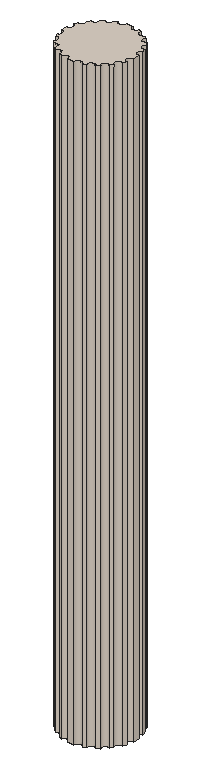
Revit family "STC_A3-Corinthium-Column-Body", category Columns, Revit 2016
Family settings
  Cut with Voids When Loaded = No
  Automatically joins geometry to walls = Yes
  Shared = No
  Show family pre-cut in plan views = Yes
Parameters (values of type "600mmDiameter Corinthium Column")
  Manufacturer = "Revit"
  Material = Masonry - Stone
  Base Offset = 0.00 mm
  Top Offset = 0.00 mm
Reference planes
  plane 1: y = -73.685
  plane 2: z = 0
  plane 3: x = 5.235
  plane 4: z = 2508.175
  plane 5: z = 0
  plane 6: z = 3000
  plane 7: x = -144.765
  plane 8: x = 155.235
Forms (mm)
  Extrusion 1, solid, material "Masonry - Stone" <- "Material"
    sketch origin (0, 0, 0) x (1, 0, 0) y (0, 1, 0)
      loop
        arc (-35.766, 69.097) -> (-42.479, 66.996) -> (-49.086, 64.579) r 148.552
        arc (-49.086, 64.579) -> (-56.435, 46.406) -> (-75.487, 51.021) r 15
        arc (-75.487, 51.021) -> (-81.975, 46.573) -> (-88.219, 41.788) r 148.552
        arc (-88.219, 41.788) -> (-89.751, 22.245) -> (-109.308, 20.906) r 15
        arc (-109.308, 20.906) -> (-113.658, 15.377) -> (-117.741, 9.648) r 148.552
        arc (-117.741, 9.648) -> (-113.528, -9.496) -> (-131.853, -16.46) r 15
        arc (-131.853, -16.46) -> (-134.408, -23.015) -> (-136.65, -29.683) r 148.552
        arc (-136.65, -29.683) -> (-127.056, -46.777) -> (-142.566, -58.765) r 15
        arc (-142.566, -58.765) -> (-143.309, -72.119) -> (-142.847, -85.485) r 148.552
        arc (-142.847, -85.485) -> (-127.594, -97.798) -> (-137.547, -114.686) r 15
        arc (-137.547, -114.686) -> (-135.445, -121.4) -> (-133.029, -128.006) r 148.552
        arc (-133.029, -128.006) -> (-114.855, -135.355) -> (-119.471, -154.407) r 15
        arc (-119.471, -154.407) -> (-115.023, -160.896) -> (-110.238, -167.14) r 148.552
        arc (-110.238, -167.14) -> (-90.695, -168.672) -> (-89.356, -188.229) r 15
        arc (-89.356, -188.229) -> (-83.827, -192.579) -> (-78.098, -196.662) r 148.552
        arc (-78.098, -196.662) -> (-58.953, -192.449) -> (-51.989, -210.773) r 15
        arc (-51.989, -210.773) -> (-45.435, -213.328) -> (-38.767, -215.571) r 148.552
        arc (-38.767, -215.571) -> (-21.673, -205.976) -> (-9.684, -221.486) r 15
        arc (-9.684, -221.486) -> (3.669, -222.229) -> (17.035, -221.768) r 148.552
        arc (17.035, -221.768) -> (29.348, -206.514) -> (46.236, -216.467) r 15
        arc (46.236, -216.467) -> (52.95, -214.366) -> (59.557, -211.949) r 148.552
        arc (59.557, -211.949) -> (66.906, -193.776) -> (85.957, -198.391) r 15
        arc (85.957, -198.391) -> (92.446, -193.943) -> (98.69, -189.158) r 148.552
        arc (98.69, -189.158) -> (100.222, -169.615) -> (119.779, -168.276) r 15
        arc (119.779, -168.276) -> (124.129, -162.747) -> (128.212, -157.019) r 148.552
        arc (128.212, -157.019) -> (123.999, -137.874) -> (142.323, -130.91) r 15
        arc (142.323, -130.91) -> (144.878, -124.355) -> (147.121, -117.688) r 148.552
        arc (147.121, -117.688) -> (137.526, -100.593) -> (153.036, -88.605) r 15
        arc (153.036, -88.605) -> (153.779, -75.251) -> (153.318, -61.885) r 148.552
        arc (153.318, -61.885) -> (138.064, -49.572) -> (148.017, -32.684) r 15
        arc (148.017, -32.684) -> (145.916, -25.97) -> (143.499, -19.364) r 148.552
        arc (143.499, -19.364) -> (125.326, -12.015) -> (129.942, 7.037) r 15
        arc (129.942, 7.037) -> (125.493, 13.526) -> (120.708, 19.77) r 148.552
        arc (120.708, 19.77) -> (101.165, 21.302) -> (99.826, 40.859) r 15
        arc (99.826, 40.859) -> (94.297, 45.208) -> (88.569, 49.292) r 148.552
        arc (88.569, 49.292) -> (69.424, 45.079) -> (62.46, 63.403) r 15
        arc (62.46, 63.403) -> (55.906, 65.958) -> (49.238, 68.2) r 148.552
        arc (49.238, 68.2) -> (32.143, 58.606) -> (20.155, 74.116) r 15
        arc (20.155, 74.116) -> (6.801, 74.859) -> (-6.565, 74.398) r 148.552
        arc (-6.565, 74.398) -> (-18.877, 59.144) -> (-35.766, 69.097) r 15
    from 0 to 2508.175
Dimensions and locks
  "Base Offset": plane 5 to level
  "Top Offset": level to plane 4
Automatic sketch dimensions
  Extrusion 1 sketch curve to plane 1 = 0.00 mm
  Extrusion 1 sketch curve to plane 3 = 0.00 mm
  Extrusion 1 sketch curve to plane 3 = 11.80 mm
  Extrusion 1 sketch curve to Extrusion 1 sketch curve = 14.105 mm  (x2)
  Extrusion 1 sketch curve to Extrusion 1 sketch curve = 13.32 mm  (x4)
  Extrusion 1 sketch curve to Extrusion 1 sketch curve = 12.199 mm  (x2)
  Extrusion 1 sketch curve to Extrusion 1 sketch curve = 12.013 mm  (x2)
  Extrusion 1 sketch curve to Extrusion 1 sketch curve = 12.733 mm  (x4)
  Extrusion 1 sketch curve to Extrusion 1 sketch curve = 12.086 mm  (x4)
  Extrusion 1 sketch curve to Extrusion 1 sketch curve = 11.998 mm  (x4)
  Extrusion 1 sketch curve to Extrusion 1 sketch curve = 8.884 mm  (x2)
  Extrusion 1 sketch curve to Extrusion 1 sketch curve = 9.003 mm  (x2)
  Extrusion 1 sketch curve to Extrusion 1 sketch curve = 8.433 mm  (x4)
  Extrusion 1 sketch curve to Extrusion 1 sketch curve = 9.234 mm  (x4)
  Extrusion 1 sketch curve to Extrusion 1 sketch curve = 8.983 mm  (x4)
  Extrusion 1 sketch curve to Extrusion 1 sketch curve = 8.728 mm  (x4)
  plane 7 to Extrusion 1 sketch curve = 11.736 mm
  plane 7 to Extrusion 1 sketch curve = 12.912 mm
  plane 7 to Extrusion 1 sketch curve = 8.114 mm
  plane 7 to Extrusion 1 sketch curve = 7.218 mm
  plane 7 to Extrusion 1 sketch curve = 3.01 mm
  plane 7 to Extrusion 1 sketch curve = 2.412 mm
  plane 7 to Extrusion 1 sketch curve = 1.917 mm
  plane 7 to Extrusion 1 sketch curve = 2.199 mm
  plane 3 to Extrusion 1 sketch curve = 11.80 mm
  Extrusion 1 sketch curve to Extrusion 1 sketch curve = 11.257 mm  (x2)
  Extrusion 1 sketch curve to plane 8 = 11.736 mm
  Extrusion 1 sketch curve to plane 8 = 12.912 mm
  Extrusion 1 sketch curve to plane 8 = 8.114 mm
  Extrusion 1 sketch curve to plane 8 = 7.218 mm
  Extrusion 1 sketch curve to plane 8 = 3.01 mm
  Extrusion 1 sketch curve to plane 8 = 2.412 mm
  Extrusion 1 sketch curve to plane 8 = 1.917 mm
  Extrusion 1 sketch curve to plane 8 = 2.199 mm
  Extrusion 1 sketch curve to Extrusion 1 sketch curve = 14.096 mm  (x2)
  Extrusion 1 sketch curve to Extrusion 1 sketch curve = 4.798 mm  (x2)
  Extrusion 1 sketch curve to Extrusion 1 sketch curve = 4.518 mm  (x2)
  Extrusion 1 sketch curve to Extrusion 1 sketch curve = 5.105 mm  (x2)
  Extrusion 1 sketch curve to Extrusion 1 sketch curve = 4.806 mm  (x2)
  Extrusion 1 sketch curve to plane 1 = 11.80 mm
  Extrusion 1 sketch curve to Extrusion 1 sketch curve = 14.978 mm
  Extrusion 1 sketch curve to Extrusion 1 sketch curve = 0.00 mm  (x38)
  plane 3 to Extrusion 1 sketch curve = 14.92 mm
  Extrusion 1 sketch curve to Extrusion 1 sketch curve = 13.222 mm  (x2)
  Extrusion 1 sketch curve to Extrusion 1 sketch curve = 4.83 mm
  Extrusion 1 sketch curve to Extrusion 1 sketch curve = 14.209 mm
  Extrusion 1 sketch curve to Extrusion 1 sketch curve = 5.128 mm
